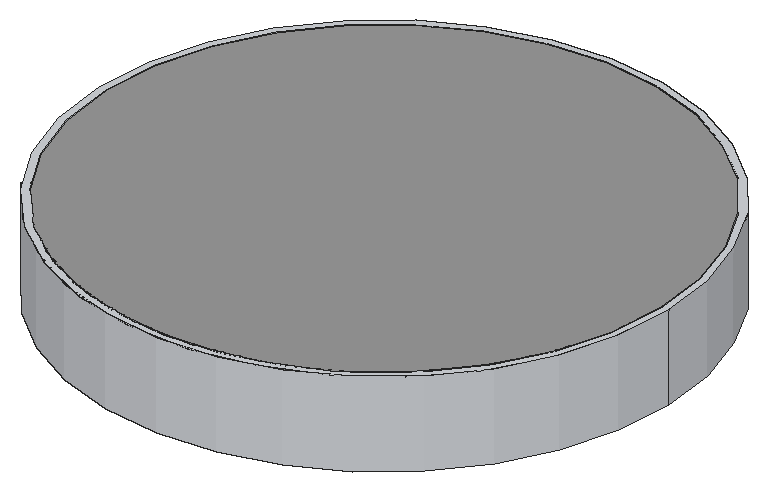
Revit family "2071129", category Lighting Fixtures, host Face, Revit 2018
Family settings
  Host = Face
  Round Connector Dimension = Use Diameter
  Part Type = Normal
  OmniClass Number = 23.80.70.00
  OmniClass Title = Lighting
  Cut with Voids When Loaded = No
  Light Source = Yes
  Shared = No
  Room Calculation Point = No
Parameters (values of type "2071129 COLOSSAL 400 940 PR DIR WHT DALI EM")
  iner diameter = 390 mm
  Weight = "n/a"
  Wattage Comments = ""
  Wattage = 30 W
  WarrantyStartDate [instance] = "n/a"
  WarrantyGuarantorParts = "n/a"
  WarrantyDurationUnit = "n/a"
  WarrantyDurationParts = ""
  WarrantyDescription = "http://www.sylvania-lighting.com"
  built-in parameter 1150110 = 1 (stored number, unit not read)
  Voltage = 230 V
  URL = "0.95"
  TypeName = "COLOSSAL 400mm 940 PRISM DIR WHITE DALI EM"
  Type Image = <None>
  Type Comments = "n/a"
  built-in parameter 1114217 = 1 (stored number, unit not read)
  Tilt Angle = -90.00°
  built-in parameter 1150109 = 1 (stored number, unit not read)
  built-in parameter 1150134 = (empty or 0)
  built-in parameter 1150113 = 1 (stored number, unit not read)
  SerialNumber [instance] = "n/a"
  Photometric Web File = "2071129.ies"
  Material_3_SYL = LED-Sylvania
  PowerFactor = 0
  PowerConsumption = "Lighting"
  NominalLength = 400 mm
  NominalHeight = 93 mm
  NominalDepth = 400 mm
  Name = "COLOSSAL 400mm 940 PRISM DIR WHITE DALI EM"
  ModelReference = Name  # "COLOSSAL 400mm 940 PRISM DIR WHITE DALI EM"
  ModelNumber = "2071129"
  Model = Name  # "COLOSSAL 400mm 940 PRISM DIR WHITE DALI EM"
  Material = "Feilo Sylvania"
  ManufacturerName = "103 lm/W"
  Manufacturer = ""
  LuminousEfficacy = ""
  built-in parameter 1150105 = 270.44 (stored number, unit not read)
  Lumens = 3398.4 lm
  LuminaireType = "0"
  built-in parameter 1150115 = 1 (stored number, unit not read)
  LightOutputRatio = "LED"
  built-in parameter 1150137 = (empty or 0)
  built-in parameter 1150139 = (empty or 0)
  LampsType = Lamp  # "n/a"
  LampNominalLuminous = "4000 K"
  LampMacAdamStep = "90"
  LampColourTemperature = "LED"
  LampColourRenderingIndex = "16500"
  built-in parameter 1150112 = 1 (stored number, unit not read)
  built-in parameter 1150114 = 1 (stored number, unit not read)
  Lamp = "n/a"
  Keynote = "n/a"
  InstallationDate [instance] = "n/a"
  InputVoltage = "0"
  InputNominalFrequency = "4000"
  built-in parameter 1150132 = (empty or 0)
  built-in parameter 1150102 = (empty or 0)
  built-in parameter 1150107 = 3000 (stored number, unit not read)
  built-in parameter 1150138 = (empty or 0)
  IngressProtection = "IfcLightFixtureType"
  ImpactProtectionIndex = "IfcLightFixtureType"
  built-in parameter 1150106 = 2.7044 (stored number, unit not read)
  IfcExportType = "IfcLightFixtureType"
  IfcExportAs = "Class I"
  Emit from Circle Diameter = 385 mm
  Emit Shape Visible in Rendering = no
  ElectricShockClassification = "103"
  built-in parameter 1150104 = 10.524 (stored number, unit not read)
  DocumentationLiterature = "http://www.sylvania-lighting.com/product/en-int/products/2071129"
  DimmingControlOptions = "n/a"
  Material_2_SYL = Polycarbonate_Sylvania_White
  Dimming Lamp Color Temperature Shift = <None>
  Description = "400mm diameter circular architectural luminaire, can be surface mounted or suspended. Powder coated aluminium housing (RAL9016) with PMMA prismatic diffuser. Direct light distribution, 1650lm luminuous flux, 16W system power, 103lm/W luminiaire efficacy. DALI dimmable. 3 hours integrated emergency. Colour rendering index Ra >90, 4000K Neutral White LED, chromaticity tolerance of 3-step MacAdam ellipse. IP40, IK03. 350mA drive current. UGR≤19. Electrical protection Class1, 220-240V. Reported lifetime 66k hours L90B10."
  Default Elevation = 1219.2 mm
  CreatedOn = "22/03/2022"
  CreatedBy = "@sylvania-lighting.com"
  Cost = 0
  Color Filter = 16777215
  built-in parameter 1114216 [instance] = (empty or 0)
  ClassificationValue = "EF_70_80"
  ClassificationName = "Uniclass2015"
  Material_1_SYL = Polycarbonate_Sylvania_Opal
  BarCode [instance] = "n/a"
  built-in parameter 1114218 = 1 (stored number, unit not read)
  built-in parameter 1150133 = 10 (stored number, unit not read)
  AssetType = "Fixed"
  AssetIdentifier [instance] = "n/a"
  Assembly Code = "D5020200"
  Apparent Load = 16 VA
  Material_4_SYL = none
Reference planes
  plane 1 "Center (Front/Back)": y = 0
  plane 2: z = 0
  plane 3 "Center (Left/Right)": x = 0
  plane 4: x = -200
  plane 5: x = 200
  plane 6: y = 200
  plane 7: y = -200
  plane 8: y = 236
  plane 9: y = -236
  plane 10: z = 93
  plane 11: y = 195
  plane 12: y = -195
  plane 13: y = 90.5
  plane 14: y = 144.5
  plane 15: through (52.25, 90.5, 1219.2) normal (0.866, 0.5, 0)
  plane 16: through (52.25, 90.5, 1219.2) normal (0.866, 0.5, 0)
  plane 17: through (63.706, 126.657, 1219.2) normal (0.866, 0.5, 0)
  plane 18: through (-104.5, 0, 1219.2) normal (-0.866, 0.5, 0)
  plane 19: through (-142.394, -9.633, 1219.2) normal (-0.866, 0.5, 0)
  plane 20: y = -90.5
  plane 21: y = -118.5
  plane 22: through (85.371, -141.133, 1219.2) normal (-0.866, 0.5, 0)
  plane 23: through (52.25, -90.5, 1219.2) normal (-0.866, 0.5, 0)
  plane 24: through (-161.658, 0, 1219.2) normal (0.866, 0.5, 0)
  plane 25: through (-172.12, 9.121, 1219.2) normal (0.866, 0.5, 0)
  plane 26: through (-104.5, 0, 1219.2) normal (0.866, 0.5, 0)
Forms (mm)
  Extrusion 1, solid, detail levels medium+fine
    sketch origin (0, 0, 0) x (1, 0, 0) y (0, 1, 0)
      loop
        circle (0, 0) r 200
    from 33.023 to 93
  Extrusion 2, void
    sketch origin (0, 0, 0) x (1, 0, 0) y (0, 1, 0)
      loop
        circle (0, 0) r 195
    from 93 to 37.292
  Extrusion 3, solid, material "Glass, White, High Luminance", detail levels fine
    sketch origin (0, 0, 0) x (1, 0, 0) y (0, 1, 0)
      loop
        circle (0, 0) r 195
    from 88.026 to 93
  Extrusion 4, solid, detail levels coarse
    sketch origin (0, 0, 0) x (1, 0, 0) y (0, 1, 0)
      loop
        line (-200, 200) -> (-200, -200) -> (200, -200) -> (200, 200) -> (-200, 200)
    from 0 to 93
  Blend 5, solid, detail levels medium+fine
    base sketch origin (0, 0, 0) x (1, 0, 0) y (0, 1, 0)
      loop
        line (-52.25, 90.5) -> (-104.5, 0) -> (-52.25, -90.5) -> (52.25, -90.5) -> (104.5, 0) -> (52.25, 90.5) -> (-52.25, 90.5)
    top sketch origin (0, 0, 0) x (1, 0, 0) y (0, 1, 0)
      loop
        line (-53.405, 144.5) -> (-149.245, -21.5) -> (-93.242, -118.5) -> (98.438, -118.5) -> (151.843, -26) -> (53.405, 144.5) -> (-53.405, 144.5)
    from 0 to 33.023
Cuts and joins
  Extrusion 2 cuts Extrusion 1
Dimensions and locks
  "NominalDepth": plane 6 to plane 7
  "NominalLength": plane 4 to plane 5
  equal spacing: plane 4, plane 3 "Center (Left/Right)", plane 5
  "iner diameter": plane 11 to plane 12
  equal spacing: plane 11, plane 1 "Center (Front/Back)", plane 12
  equal spacing: plane 6, plane 1 "Center (Front/Back)", plane 7
  "NominalHeight": plane 10 to level
  plane 19 to plane 18 = 28 mm
  radius of Extrusion 2 sketch curve = 195 mm
  aligned and locked: plane 2 to host face
  aligned and locked: level to host face
Automatic sketch dimensions
  host sketch curve to host sketch curve = 2438.4 mm  (x2)
  plane 1 "Center (Front/Back)" to Extrusion 1 sketch curve = 0 mm
  Extrusion 1 sketch curve to plane 3 "Center (Left/Right)" = 0 mm
  plane 1 "Center (Front/Back)" to Extrusion 2 sketch curve = 0 mm
  Extrusion 2 sketch curve to plane 3 "Center (Left/Right)" = 0 mm
  plane 1 "Center (Front/Back)" to Extrusion 3 sketch curve = 0 mm
  Extrusion 3 sketch curve to plane 3 "Center (Left/Right)" = 0 mm
  Extrusion 4 sketch curve to plane 4 = 0 mm
  Extrusion 4 sketch curve to plane 5 = 0 mm
  Extrusion 4 sketch curve to plane 7 = 0 mm
  Extrusion 4 sketch curve to plane 6 = 0 mm
  Blend 5 sketch curve to plane 19 = 0 mm  (x2)
  Blend 5 sketch curve to plane 24 = 0 mm  (x2)
  Blend 5 sketch curve to plane 21 = 0 mm
  Blend 5 sketch curve to plane 14 = 0 mm
  Blend 5 sketch curve to plane 17 = 0 mm  (x2)
  Blend 5 sketch curve to plane 22 = 0 mm  (x2)
  radius of Extrusion 1 sketch curve = 200 mm
  radius of Extrusion 3 sketch curve = 195 mm
Connectors
  electrical at (0, 0, 0), driven by "Apparent Load", driven by "PowerFactor", driven by "Voltage"
    settings: index 1, voltage 230 V, apparent load 16 VA, apparent load phase1 0 VA, apparent load phase2 0 VA, apparent load phase3 0 VA, power factor 0, load classification "Lighting", number of poles 1, system type 30, power factor state 1, is connector primary yes, connector utility no, sub classification motor no, connector description ""
